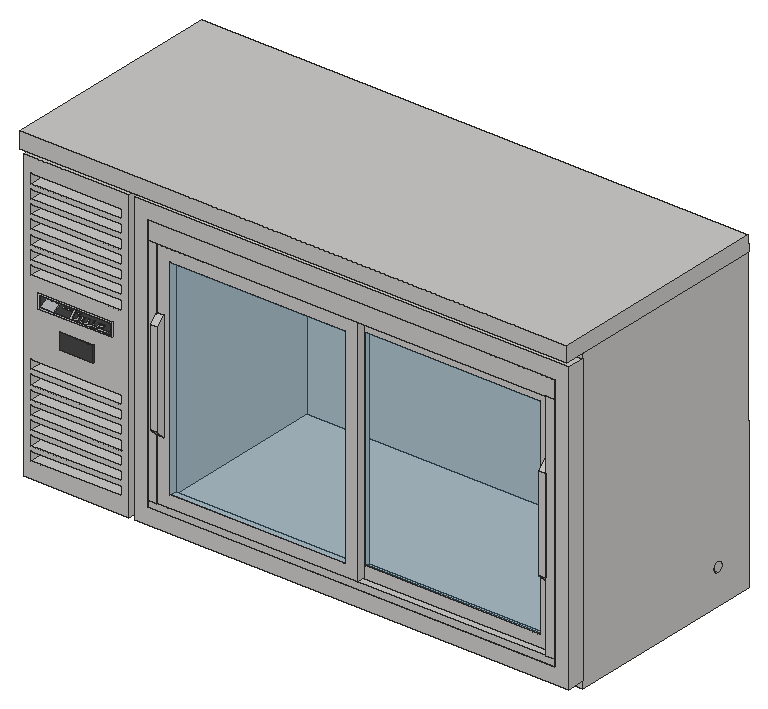
Revit family "QF_TRUE_TBR60-RISZ1-L-B-11-1", category Specialty Equipment, Revit 2016
Family settings
  Part Type = Normal
  Round Connector Dimension = Use Diameter
  Work Plane-Based = No
  Always vertical = Yes
  Cut with Voids When Loaded = No
  Shared = No
  Room Calculation Point = No
Parameters
  Weight in Pounds = 0
  Watts = if(Phase = 3, Volts * FL Amps * 1.73, Volts * FL Amps)  # 0 W
  Waste Water Discharge Temperature = 0 °F
  Volts = 0 V
  URL Cutsheet = ""
  Steam Supply Volume = 0 GPM
  Steam Supply Size = 0"
  Steam Supply RI Height = 0"
  Steam Supply Minimum Pressure = 0.00 psi
  Steam Supply Maximum Pressure = 0.00 psi
  Steam Supply Connection Height = 0"
  Specification by User = ""
  Specification by Manufacturer = ""
  Show Logo [instance] = yes
  Show Clearance [instance] = yes
  Serial Number = ""
  Seismic Rating = ""
  SMACNA No = ""
  Revision Code = ""
  Plumbing Remarks = ""
  Plumbing Connection Type = ""
  Phase = 1
  Number of Poles = 1
  NAFEM Spec ID Number = ""
  Model = "TBR60-RISZ1-L-B-11-1"
  Min Ckt Ampacity = 0 A
  Mechanical Remarks = ""
  Mechanical Connection Type = ""
  Max Overcurrent Protection = 0 A
  Masterspec = ""
  Manufacturer = "TRUE"
  Length = 60"
  Item Number = ""
  Installed By = ""
  Indirect Waste Size = 1/2"
  Indirect Waste Flow = 0 GPM
  Indirect Waste Connection Type = ""
  Indirect Waste Connection Height = 0"
  Identify Quantity as Lot = yes
  Height = 34 11/16"
  HP = "0"
  Furnished By = ""
  Foodservice Equipment Identifier = yes
  FL Amps = 0 A
  Electrical Remarks = ""
  Electric Connection Type = ""
  Elec Conn RI Height = 0"
  Elec Conn Connection Height = 0"
  Description = "REACH-IN SINGLE REFRIGERATOR"
  Depth = 25 1/2"
  Cycle = 0 Hz
  Conn Plug = ""
  Conn Conduit = yes
  Condensate Return Size = 1/2"
  Condensate Return RI Height = 0"
  Condensate Return Connection Height = 0"
  CSI MasterFormat = ""
  Apparent Power = if(Phase = 3, Volts * FL Amps * 1.73, Volts * FL Amps)  # 0 VA
Reference planes (in)
  plane 1 "BACK": y = 0
  plane 2: z = 0
  plane 3 "LEFT": x = 0
  plane 4 "RIGHT": x = 60
  plane 5 "FRONT": y = -25.5
  plane 6 "TOP": z = 34.6875
  plane 7 "Center Y": x = 30
  plane 8 "Center X": y = -12.75
  plane 9: z = 0.78125
  plane 10: y = -0.64063
  plane 11: z = 32.46875
  plane 12: x = 46.6875
  plane 13: z = 16
Forms (in)
  Extrusion 1, solid, material "QF_Metal - Stainless - Polished"
    sketch origin (0, -0.01563, 0) x (0, 1, 0) y (0, 0, 1)
      loop
        line (-24.82812, 34.6875) -> (-24.82812, 32.9375) -> (0.01563, 32.9375) -> (0.01563, 34.6875) -> (-24.82812, 34.6875)
    from 0 to 60
  Extrusion 2, solid, material "QF_Plastic - Black - Transparent"
    sketch origin (0.04324, -24.65625, 0) x (1, 0, 0) y (0, 0, 1)
      loop
        line (4.20676, 16.37472) -> (4.20676, 14.62472) -> (7.87863, 14.62472) -> (7.87863, 16.37472) -> (4.20676, 16.37472)
    from 0 to 0.125
  Extrusion 3, solid, material "QF_Metal - Stainless - Polished"
    sketch origin (0, -0.03125, 0) x (1, 0, 0) y (0, 1, 0)
      loop
        circle (16.75, -4.9375) r 0.5
      loop
        circle (52.25, -4.3125) r 0.5
    from 0 to 0.125
  Extrusion 4, solid, material "QF_Metal - Stainless - Polished"
    sketch origin (60, -0.01563, 0) x (0, 0, 1) y (0, -1, 0)
      loop
        circle (3.9375, 4.29687) r 0.5
    from 0 to 0.125
  Extrusion 5, solid, material "QF_Metal - Stainless - Polished"
    sketch origin (0, 0, 0) x (-1, 0, 0) y (0, 0, 1)
      loop
        line (-59, 0.78125) -> (-12.25, 0.78125) -> (-12.25, 32.5) -> (-59, 32.5) -> (-59, 0.78125)
    from 0 to -1
  Extrusion 6, solid, material "QF_Metal - Stainless - Polished"
    sketch origin (0.5, 0, 0) x (-1, 0, 0) y (0, 0, 1)
      loop
        line (-0.01563, 0) -> (-0.01563, 19.4375) -> (-10.98438, 19.4375) -> (-10.98438, 0) -> (-0.01563, 0)
    from 0 to 0.125
  Extrusion 7, solid, material "QF_Metal - Stainless - Polished"
    sketch origin (0, 0, 0) x (-1, 0, 0) y (0, 0, 1)
      loop
        circle (-6, 18.5) r 0.5
      loop
        circle (-6, 21.75) r 0.5
    from 0 to 0.25
  Extrusion 8, solid, material "QF_Metal - Stainless - Polished"
    sketch origin (0, -22.76563, 0) x (1, 0, 0) y (0, 0, 1)
      loop
        line (0.20313, 0.78125) -> (11.79688, 0.78125) -> (11.79688, 32.46875) -> (0.20313, 32.46875) -> (0.20313, 0.78125)
      loop
        line (1.03906, 30.81709) -> (1.03906, 29.81709) -> (10.96094, 29.81709) -> (10.96094, 30.81709) -> (1.03906, 30.81709)
      loop
        line (1.03906, 29.31709) -> (1.03906, 28.31709) -> (10.96094, 28.31709) -> (10.96094, 29.31709) -> (1.03906, 29.31709)
      loop
        line (1.03906, 27.81709) -> (1.03906, 26.81709) -> (10.96094, 26.81709) -> (10.96094, 27.81709) -> (1.03906, 27.81709)
      loop
        line (1.03906, 26.31709) -> (1.03906, 25.31709) -> (10.96094, 25.31709) -> (10.96094, 26.31709) -> (1.03906, 26.31709)
      loop
        line (1.03906, 24.81709) -> (1.03906, 23.81709) -> (10.96094, 23.81709) -> (10.96094, 24.81709) -> (1.03906, 24.81709)
      loop
        line (1.03906, 21.81709) -> (1.03906, 20.81709) -> (10.96094, 20.81709) -> (10.96094, 21.81709) -> (1.03906, 21.81709)
      loop
        line (1.03906, 23.31709) -> (1.03906, 22.31709) -> (10.96094, 22.31709) -> (10.96094, 23.31709) -> (1.03906, 23.31709)
      loop
        line (1.03906, 12.56709) -> (1.03906, 11.56709) -> (10.96094, 11.56709) -> (10.96094, 12.56709) -> (1.03906, 12.56709)
      loop
        line (1.03906, 11.06709) -> (1.03906, 10.06709) -> (10.96094, 10.06709) -> (10.96094, 11.06709) -> (1.03906, 11.06709)
      loop
        line (1.03906, 9.56709) -> (1.03906, 8.56709) -> (10.96094, 8.56709) -> (10.96094, 9.56709) -> (1.03906, 9.56709)
      loop
        line (1.03906, 8.06709) -> (1.03906, 7.06709) -> (10.96094, 7.06709) -> (10.96094, 8.06709) -> (1.03906, 8.06709)
      loop
        line (1.03906, 6.56709) -> (1.03906, 5.56709) -> (10.96094, 5.56709) -> (10.96094, 6.56709) -> (1.03906, 6.56709)
      loop
        line (1.03906, 3.56709) -> (1.03906, 2.56709) -> (10.96094, 2.56709) -> (10.96094, 3.56709) -> (1.03906, 3.56709)
      loop
        line (1.03906, 5.06709) -> (1.03906, 4.06709) -> (10.96094, 4.06709) -> (10.96094, 5.06709) -> (1.03906, 5.06709)
    from -0.01563 to 1.89062
  Extrusion 9, solid, material "QF_Metal - Stainless - Polished"
    sketch origin (0, 0, 0) x (1, 0, 0) y (0, 0, 1)
      loop
        line (59, 0.78125) -> (59, 32.46875) -> (12.375, 32.46875) -> (12.375, 0.78125) -> (59, 0.78125)
      loop
        line (60, 32.9375) -> (0, 32.9375) -> (0, 0) -> (60, 0) -> (60, 32.9375)
    from 0 to 22.75
  Extrusion 10, solid, material "QF_Metal - Stainless - Polished"
    sketch origin (0, -22.75, 0) x (1, 0, 0) y (0, 0, 1)
      loop
        line (12.375, 0.78125) -> (60, 0.78125) -> (60, 32.46875) -> (12.375, 32.46875) -> (12.375, 0.78125)
      loop
        line (13.875, 30.71875) -> (13.875, 2.53125) -> (58.5, 2.53125) -> (58.5, 30.71875) -> (13.875, 30.71875)
    from 0 to 1.90625
  Extrusion 11, solid, material "QF_Metal - Stainless - Polished"
    sketch origin (0, -22.75, 0) x (-1, 0, 0) y (0, 0, 1)
      loop
        line (-13.875, 30.71875) -> (-58.5, 30.71875) -> (-58.5, 28.76563) -> (-13.875, 28.76563) -> (-13.875, 30.71875)
      loop
        line (-58.5, 3.23437) -> (-58.5, 2.53125) -> (-13.875, 2.53125) -> (-13.875, 3.23437) -> (-58.5, 3.23437)
    from 0 to -1.90625
  Extrusion 12, solid, material "QF_Metal - Stainless - Polished"
    sketch origin (0, -22.75, 0) x (-1, 0, 0) y (0, 0, 1)
      loop
        line (-13.875, 28.76563) -> (-14.875, 28.76563) -> (-14.875, 3.23438) -> (-13.875, 3.23437) -> (-13.875, 28.76563)
      loop
        line (-58.5, 28.76562) -> (-58.5, 3.23437) -> (-57.5, 3.23437) -> (-57.5, 28.76562) -> (-58.5, 28.76562)
    from 0 to -1.90625
  Extrusion 13, solid, material "QF_Metal - Stainless - Polished"
    sketch origin (0, -24.65625, 0) x (1, 0, 0) y (0, 0, 1)
      loop
        line (14.875, 28.76563) -> (14.875, 3.23437) -> (36.875, 3.23437) -> (36.875, 28.76563) -> (14.875, 28.76563)
      loop
        line (16.23438, 27.48438) -> (16.23438, 4.51563) -> (35.51563, 4.51563) -> (35.51563, 27.48438) -> (16.23438, 27.48438)
    from 0 to -0.82813
  Extrusion 14, solid, material "QF_Metal - Stainless - Polished"
    sketch origin (14.875, -24.65625, 3.23437) x (0, 0, 1) y (0, 1, 0)
      loop
        line (18.78125, 0) -> (6.75, 0) -> (7.59375, -0.84375) -> (17.9375, -0.84375) -> (18.78125, 0)
    from 0 to -0.75
  Extrusion 15, solid, material "QF_Metal - Stainless - Polished"
    sketch origin (56.75, -23.82812, 28.46875) x (0, 0, 1) y (0, 1, 0)
      loop
        line (-6.5, 0) -> (-18.4375, 0) -> (-17.60937, -0.82813) -> (-7.32813, -0.82813) -> (-6.5, 0)
    from 0 to -0.75
  Extrusion 16, solid, material "QF_Metal - Stainless - Polished"
    sketch origin (0, -23.82812, 0) x (-1, 0, 0) y (0, 0, 1)
      loop
        line (-57.5, 28.76563) -> (-57.5, 3.23437) -> (-35.875, 3.23437) -> (-35.875, 28.76563) -> (-57.5, 28.76563)
      loop
        line (-56.32813, 27.48437) -> (-56.32813, 4.51562) -> (-37.04688, 4.51562) -> (-37.04688, 27.48437) -> (-56.32813, 27.48437)
    from 0 to 0.5
  Extrusion 17, solid, material "Glass"
    sketch origin (0, -24.65625, 0) x (1, 0, 0) y (0, 0, 1)
      loop
        line (16.23438, 27.48438) -> (16.23438, 4.51563) -> (35.51563, 4.51563) -> (35.51563, 27.48438) -> (16.23438, 27.48438)
    from 0 to -0.125
  Extrusion 18, solid, material "Glass"
    sketch origin (0, -23.82812, 0) x (1, 0, 0) y (0, 0, 1)
      loop
        line (37.04688, 27.48437) -> (37.04688, 4.51562) -> (56.32813, 4.51562) -> (56.32813, 27.48437) -> (37.04688, 27.48437)
    from 0 to -0.125
Cuts and joins
  joined: Extrusion 5, Extrusion 9
Lines and regions (in)
  Split face 1
    outline origin (59, -22.75, 0.78125) x (0, 0, -1) y (1, 0, 0)
      loop
        line (-30.03584, -57.96094) -> (-1.78584, -57.96094) -> (-1.78584, -47.91406) -> (-30.03584, -47.91406) -> (-30.03584, -57.96094)
  symbolic lines
    curve 1: line (0, 0, 0) -> (60, 0, 0)
    curve 2: line (0, -24.84375, 0) -> (0, 0, 0)
    curve 3: line (60, -24.84375, 0) -> (0, -24.84375, 0)
    curve 4: line (60, 0, 0) -> (60, -24.84375, 0)
    curve 5: line (14.875, -25.5, 0) -> (14.875, -24.84375, 0)
    curve 6: line (14.875, -25.5, 0) -> (15.625, -25.5, 0)
    curve 7: line (15.625, -25.5, 0) -> (15.625, -24.84375, 0)
Dimensions and locks (in)
  equal spacing: plane 3 "LEFT", plane 7 "Center Y", plane 4 "RIGHT"
  "Length": plane 3 "LEFT" to plane 4 "RIGHT"
  equal spacing: plane 5 "FRONT", plane 8 "Center X", plane 1 "BACK"
  "Depth": plane 5 "FRONT" to plane 1 "BACK"
  "Height": plane 6 "TOP" to level
  plane 3 "LEFT" to plane 4 "RIGHT" = 60"
  plane 5 "FRONT" to plane 1 "BACK" = 25 1/2"
  plane 9 to level = 25/32"
  plane 3 "LEFT" to Extrusion 3 sketch curve = 16 3/4"
  Extrusion 3 sketch curve to plane 1 "BACK" = 4 31/32"
  Extrusion 3 sketch curve to plane 1 "BACK" = 4 11/32"
  Extrusion 3 sketch curve to plane 4 "RIGHT" = 7 3/4"
  Extrusion 6 to Extrusion 6 = 10 31/32"
  plane 6 "TOP" to Extrusion 1 = 1 3/4"
  Extrusion 8 to Extrusion 8 = 11 19/32"
  plane 6 "TOP" to plane 11 = 2 7/32"
  cut or joined group of Extrusion 5, Extrusion 9 to plane 1 "BACK" = 22 3/4"
  plane 11 to plane 9 = 31 11/16"
  Extrusion 10 to plane 1 "BACK" = 24 21/32"
  Extrusion 1 to plane 1 "BACK" = 24 27/32"
  Extrusion 13 to Extrusion 13 = 19 9/32"
  Extrusion 13 to Extrusion 13 = 22 31/32"
  aligned and locked: level to plane 2
Automatic sketch dimensions
  Extrusion 1 sketch curve to Extrusion 1 sketch curve = 1 3/4"
  Extrusion 2 sketch curve to Extrusion 2 sketch curve = 1 3/4"
  Extrusion 7 sketch curve to Extrusion 7 sketch curve = 0"
  Extrusion 7 sketch curve to Extrusion 7 sketch curve = 3 1/4"
  Extrusion 2 sketch curve to Extrusion 2 sketch curve = 3 43/64"
  Extrusion 8 sketch curve to Extrusion 8 sketch curve = 0"  (x25)
  Extrusion 8 sketch curve to Extrusion 8 sketch curve = 9 59/64"
  Extrusion 8 sketch curve to Extrusion 8 sketch curve = 107/128"  (x3)
  Extrusion 8 sketch curve to Extrusion 8 sketch curve = 1"  (x14)
  Extrusion 8 sketch curve to Extrusion 8 sketch curve = 1/2"  (x12)
  Extrusion 8 sketch curve to Extrusion 8 sketch curve = 8 1/4"
  Extrusion 8 sketch curve to Extrusion 8 sketch curve = 1.65166"
  Extrusion 9 sketch curve to Extrusion 9 sketch curve = 15/32"
  cut or joined group of Extrusion 5, Extrusion 9 to Split face 1 sketch curve = 1.65166"
  cut or joined group of Extrusion 5, Extrusion 9 to Split face 1 sketch curve = 1.78584"
  Split face 1 sketch curve to cut or joined group of Extrusion 5, Extrusion 9 = 1 5/128"
  Split face 1 sketch curve to cut or joined group of Extrusion 5, Extrusion 9 = 1 37/128"
  Extrusion 1 sketch curve to Extrusion 1 sketch curve = 24 27/32"
  Extrusion 5 sketch curve to Extrusion 5 sketch curve = 46 3/4"
  Extrusion 5 sketch curve to Extrusion 5 sketch curve = 31 23/32"
  Extrusion 6 sketch curve to Extrusion 6 sketch curve = 10 31/32"
  Extrusion 6 sketch curve to Extrusion 6 sketch curve = 19 7/16"
  Extrusion 8 sketch curve to Extrusion 8 sketch curve = 1.78584"
  Extrusion 9 sketch curve to Extrusion 9 sketch curve = 12 3/8"
  Extrusion 9 sketch curve to Extrusion 9 sketch curve = 46 5/8"
  Extrusion 9 sketch curve to Extrusion 9 sketch curve = 1"
  Extrusion 9 sketch curve to Extrusion 9 sketch curve = 25/32"
  Extrusion 9 sketch curve to Extrusion 9 sketch curve = 31 11/16"
  Extrusion 10 sketch curve to Extrusion 10 sketch curve = 1 1/2"  (x2)
  Extrusion 10 to Extrusion 11 sketch curve = 0"  (x2)
  Extrusion 11 sketch curve to Extrusion 10 = 0"  (x4)
  Extrusion 10 to Extrusion 11 sketch curve = 45/64"
  Extrusion 11 sketch curve to Extrusion 11 sketch curve = 1 61/64"
  Extrusion 10 to Extrusion 12 sketch curve = 0"
  Extrusion 12 sketch curve to Extrusion 10 = 0"
  Extrusion 10 to Extrusion 12 sketch curve = 1"  (x2)
  Extrusion 10 to Extrusion 12 sketch curve = 45/64"  (x2)
  Extrusion 10 to Extrusion 12 sketch curve = 1 61/64"  (x2)
  Extrusion 13 sketch curve to Extrusion 11 = 0"  (x2)
  Extrusion 13 sketch curve to Extrusion 11 = 1"
  Extrusion 13 sketch curve to Extrusion 13 sketch curve = 1 23/64"  (x2)
  Extrusion 11 to Extrusion 13 sketch curve = 1 9/32"  (x2)
  Extrusion 13 sketch curve to Extrusion 13 sketch curve = 19 9/32"
  Extrusion 14 sketch curve to Extrusion 13 = 0"
  Extrusion 13 to Extrusion 14 sketch curve = 6 3/4"
  Extrusion 14 sketch curve to Extrusion 14 sketch curve = 27/32"  (x2)
  Extrusion 14 sketch curve to Extrusion 13 = 27/32"
  Extrusion 14 sketch curve to Extrusion 13 = 7 19/32"
  Extrusion 15 sketch curve to Extrusion 15 sketch curve = 53/64"  (x3)
  Extrusion 15 sketch curve to Extrusion 15 sketch curve = 10 9/32"
  Extrusion 10 sketch curve to Extrusion 10 sketch curve = 44 5/8"
  Extrusion 10 sketch curve to Extrusion 10 sketch curve = 1 3/4"  (x2)
  Extrusion 10 sketch curve to Extrusion 10 sketch curve = 28 3/16"
  plane 1 "BACK" to curve 1 = 0"
  curve 3 to plane 3 "LEFT" = 0"
  curve 4 to plane 4 "RIGHT" = 0"
  curve 5 to plane 5 "FRONT" = 0"
  plane 3 "LEFT" to curve 5 = 14 7/8"
  curve 5 to curve 7 = 3/4"
  Extrusion 1 sketch curve to plane 6 "TOP" = 0"
  plane 3 "LEFT" to Extrusion 2 sketch curve = 4 1/4"
  plane 9 to Extrusion 2 sketch curve = 13.84347"
  plane 9 to Extrusion 4 sketch curve = 3 5/32"
  Extrusion 4 sketch curve to plane 10 = 3 43/64"
  Extrusion 5 sketch curve to plane 9 = 0"
  plane 4 "RIGHT" to Extrusion 5 sketch curve = 1"
  Extrusion 6 sketch curve to level = 0"
  plane 3 "LEFT" to Extrusion 6 sketch curve = 11 31/64"
  plane 3 "LEFT" to Extrusion 7 sketch curve = 6"
  Extrusion 7 sketch curve to plane 11 = 13 31/32"
  Extrusion 8 sketch curve to plane 11 = 0"
  plane 3 "LEFT" to Extrusion 8 sketch curve = 13/64"
  Extrusion 9 sketch curve to plane 3 "LEFT" = 0"
  Extrusion 9 sketch curve to level = 0"
  Extrusion 10 sketch curve to plane 11 = 0"
  plane 4 "RIGHT" to Extrusion 10 sketch curve = 0"
  plane 9 to Extrusion 15 sketch curve = 9 1/4"
  plane 4 "RIGHT" to Extrusion 16 sketch curve = 2 1/2"
  plane 9 to Extrusion 16 sketch curve = 2 29/64"
  curve 3 to plane 5 "FRONT" = 21/32"
  Extrusion 1 sketch curve to plane 1 "BACK" = 0"
  Extrusion 15 sketch curve to plane 5 "FRONT" = 27/32"
  Extrusion 17 sketch curve to plane 11 = 4 63/64"
  Extrusion 17 sketch curve to plane 7 "Center Y" = 13 49/64"
  plane 7 "Center Y" to Extrusion 17 sketch curve = 5 33/64"
  plane 9 to Extrusion 17 sketch curve = 3 47/64"
  plane 7 "Center Y" to Extrusion 18 sketch curve = 7 3/64"
  plane 4 "RIGHT" to Extrusion 18 sketch curve = 3 43/64"
  plane 9 to Extrusion 18 sketch curve = 3 47/64"
  Extrusion 18 sketch curve to plane 11 = 4 63/64"
  plane 7 "Center Y" to Extrusion 16 sketch curve = 5 7/8"
  Extrusion 16 sketch curve to plane 11 = 3 45/64"
  Extrusion 16 sketch curve to Extrusion 16 sketch curve = 1 11/64"  (x2)
  Extrusion 16 sketch curve to Extrusion 16 sketch curve = 1 9/32"  (x2)
  radius of Extrusion 3 sketch curve = 1/2"  (x2)
  radius of Extrusion 4 sketch curve = 1/2"
  radius of Extrusion 7 sketch curve = 1/2"  (x2)
Nested families (in)
  nested 1: "QF_LOGO_TRUE" at (1.85445, -24.65625, 17.85445), visible <- "Show Logo", Show Logo <- "Show Logo", type "QF_LOGO_TRUE", detail levels medium+fine
    with Show Logo yes
Connectors (in)
  piping at (16.75, -4.96875, 0), diameter 0.5, driven by "Indirect Waste Flow", driven by "Indirect Waste Size"
    settings: on Extrusion 3, index 1, connector inside diameter 24", connector length 0", flow factor 0, pipe flow 0 GPM, pressure drop 0.00 psi, fitting loss kfactor 0, connector angle 0.00°, fixture units 0, engagement length 0", angle of deflection 0.00°, flow configuration 1, flow direction 2, fitting loss method 0, system type 16, joint type 0, gender type 0, connector reference index -1, connector utility 0, adjustable connector no, is connector primary yes, connector description "FLOOR ACCESS"
  piping at (52.25, -4.34375, 0), diameter 0.5, driven by "Indirect Waste Flow", driven by "Indirect Waste Size"
    settings: on Extrusion 3, index 2, connector inside diameter 24", connector length 0", flow factor 0, pipe flow 0 GPM, pressure drop 0.00 psi, fitting loss kfactor 0, connector angle 0.00°, fixture units 0, engagement length 0", angle of deflection 0.00°, flow configuration 1, flow direction 2, fitting loss method 0, system type 20, joint type 0, gender type 0, connector reference index -1, connector utility 0, adjustable connector no, is connector primary no, connector description "DRAIN"
  piping at (60.125, -4.3125, 3.9375), diameter 1
    settings: on Extrusion 4, index 3, connector inside diameter 24", connector length 0", flow factor 0, pipe flow 0 GPM, pressure drop 0.00 psi, fitting loss kfactor 0, connector angle 0.00°, fixture units 0, engagement length 0", angle of deflection 0.00°, flow configuration 1, flow direction 1, fitting loss method 0, system type 7, joint type 0, gender type 0, connector reference index -1, connector utility 0, adjustable connector no, is connector primary no, connector description "CONDENSING UNIT"
  electrical at (6, 0.25, 18.5), driven by "Volts", driven by "Watts"
    settings: on Extrusion 7, index 4, voltage 0 V, apparent load 0 VA, apparent load phase1 0 VA, apparent load phase2 0 VA, apparent load phase3 0 VA, power factor 1, load classification "Other", number of poles 1, system type 30, power factor state 1, is connector primary yes, connector utility no, sub classification motor no, connector description "ELECTRICAL CONNECTION"
Definition of nested family "QF_LOGO_TRUE"
  Parameters (values of type "QF_LOGO_TRUE")
    Show Logo [instance] = yes
  Reference planes (in)
    plane 1 "Center (Front/Back)": y = 0
    plane 2: z = 0
    plane 3 "Center (Left/Right)": x = 0
  Forms (in)
    Extrusion 1, solid, visible <- "Show Logo"
      sketch origin (-78.34647, 34.76905, -30.51001) x (1, 0, 0) y (0, 0, 1)
        loop
          line (81.15226, 31.65456) -> (81.07353, 31.48573) -> (82.12083, 31.48573)
          arc (82.12083, 31.48573) -> (82.14208, 31.44814) -> (82.12083, 31.41055) r 0.04386
          line (82.12083, 31.41055) -> (81.84767, 30.82478)
          arc (81.84767, 30.82478) -> (81.84531, 30.77052) -> (81.882, 30.73048) r 0.07096
          line (81.882, 30.73048) -> (82.55165, 30.73048)
          arc (82.55165, 30.73048) -> (82.63621, 30.75714) -> (82.69019, 30.82748) r 0.14742
          line (82.69019, 30.82748) -> (82.90515, 31.28847) -> (83.10265, 31.28847)
          arc (83.10265, 31.28847) -> (83.15447, 31.26942) -> (83.14697, 31.21472) r 0.04405
          line (83.14697, 31.21472) -> (82.9671, 30.82899)
          arc (82.9671, 30.82899) -> (82.9699, 30.76493) -> (83.02398, 30.73048) r 0.06943
          line (83.02398, 30.73048) -> (83.6124, 30.73048)
          arc (83.6124, 30.73048) -> (83.65748, 30.74689) -> (83.68147, 30.78844) r 0.07014
          arc (83.68147, 30.78844) -> (83.69845, 30.74745) -> (83.73943, 30.73048) r 0.05796
          line (83.73943, 30.73048) -> (84.112, 30.73048)
          arc (84.112, 30.73048) -> (84.15504, 30.74201) -> (84.18655, 30.77352) r 0.08608
          arc (84.18655, 30.77352) -> (84.20164, 30.7371) -> (84.23806, 30.72202) r 0.0515
          line (84.23806, 30.72202) -> (84.76757, 30.72202)
          arc (84.76757, 30.72202) -> (84.81086, 30.73995) -> (84.8288, 30.78324) r 0.06122
          arc (84.8288, 30.78324) -> (84.86848, 30.74355) -> (84.92269, 30.72903) r 0.10842
          line (84.92269, 30.72903) -> (85.91461, 30.72903) -> (86.02479, 30.91987) -> (85.0243, 30.91987)
          arc (85.0243, 30.91987) -> (84.99669, 30.93902) -> (84.99566, 30.97261) r 0.03732
          line (84.99566, 30.97261) -> (85.01297, 31.00972)
          arc (85.01297, 31.00972) -> (85.03954, 31.04453) -> (85.0813, 31.05774) r 0.07263
          line (85.0813, 31.05774) -> (85.40289, 31.05774)
          arc (85.40289, 31.05774) -> (85.4723, 31.07633) -> (85.52311, 31.12715) r 0.13882
          line (85.52311, 31.12715) -> (85.61625, 31.28847)
          arc (85.61625, 31.28847) -> (85.61625, 31.37458) -> (85.54168, 31.41763) r 0.08611
          line (85.54168, 31.41763) -> (85.20227, 31.41763)
          arc (85.20227, 31.41763) -> (85.11574, 31.40294) -> (85.05538, 31.33923) r 0.13863
          line (85.05538, 31.33923) -> (84.89409, 30.99333)
          arc (84.89409, 30.99333) -> (84.84649, 30.9313) -> (84.77191, 30.90778) r 0.13002
          line (84.77191, 30.90778) -> (84.41984, 30.90778)
          arc (84.41984, 30.90778) -> (84.3777, 30.95378) -> (84.38042, 31.0161) r 0.08151
          line (84.38042, 31.0161) -> (84.56766, 31.41763) -> (84.44849, 31.41763) -> (84.25012, 30.99222)
          arc (84.25012, 30.99222) -> (84.21158, 30.94199) -> (84.15119, 30.92296) r 0.10527
          line (84.15119, 30.92296) -> (83.90842, 30.92296)
          arc (83.90842, 30.92296) -> (83.8674, 30.97642) -> (83.87619, 31.04323) r 0.08805
          line (83.87619, 31.04323) -> (84.05078, 31.41763) -> (83.92772, 31.41763) -> (83.72676, 30.98668)
          arc (83.72676, 30.98668) -> (83.68011, 30.94003) -> (83.61639, 30.92296) r 0.12745
          line (83.61639, 30.92296) -> (83.26484, 30.92296)
          arc (83.26484, 30.92296) -> (83.2017, 30.9524) -> (83.19563, 31.0218) r 0.06967
          line (83.19563, 31.0218) -> (83.31118, 31.26961) -> (83.47452, 31.26961)
          arc (83.47452, 31.26961) -> (83.50209, 31.35268) -> (83.56075, 31.41763) r 0.21289
          line (83.56075, 31.41763) -> (82.92244, 31.41763)
          arc (82.92244, 31.41763) -> (82.85151, 31.40191) -> (82.80242, 31.34834) r 0.12081
          line (82.80242, 31.34834) -> (82.6294, 30.9773)
          arc (82.6294, 30.9773) -> (82.58962, 30.93752) -> (82.53528, 30.92296) r 0.10869
          line (82.53528, 30.92296) -> (82.1542, 30.92296)
          arc (82.1542, 30.92296) -> (82.12446, 30.96315) -> (82.13012, 31.01283) r 0.06822
          line (82.13012, 31.01283) -> (82.38156, 31.48573) -> (83.01596, 31.48573) -> (83.09469, 31.65456) -> (82.46029, 31.65456) -> (82.53902, 31.8234) -> (82.31334, 31.8234) -> (82.23461, 31.65456) -> (81.15226, 31.65456)
        loop
          arc (85.15937, 31.26434) -> (85.13191, 31.25698) -> (85.1118, 31.23688) r 0.05494
          line (85.1118, 31.23688) -> (85.09547, 31.18665)
          arc (85.09547, 31.18665) -> (85.10304, 31.16837) -> (85.12133, 31.16079) r 0.02586
          line (85.12133, 31.16079) -> (85.39889, 31.16079)
          arc (85.39889, 31.16079) -> (85.41888, 31.16523) -> (85.43513, 31.1777) r 0.04731
          line (85.43513, 31.1777) -> (85.44863, 31.2402)
          arc (85.44863, 31.2402) -> (85.44466, 31.25693) -> (85.42914, 31.26434) r 0.01994
          line (85.42914, 31.26434) -> (85.15937, 31.26434)
        loop
          line (78.62961, 30.74125) -> (80.12032, 30.74125) -> (80.73891, 31.81268) -> (79.2482, 31.81268) -> (78.62961, 30.74125)
      from 34.76797 to 34.83173
    Extrusion 2, solid, visible <- "Show Logo"
      sketch origin (-142.84857, 34.75108, -33.3546) x (1, 0, 0) y (0, 0, 1)
        loop
          line (150.81107, 34.71978) -> (142.98607, 34.71978) -> (142.98607, 33.4921) -> (150.81107, 33.4921) -> (150.81107, 34.71978)
      from 34.75108 to 34.78125
    Extrusion 3, solid, visible <- "Show Logo"
      sketch origin (-142.84857, 34.75108, -33.3546) x (1, 0, 0) y (0, 0, 1)
        loop
          line (150.94857, 34.85727) -> (142.84857, 34.85727) -> (142.84857, 33.3546) -> (150.94857, 33.3546) -> (150.94857, 34.85727)
        loop
          line (142.98607, 34.71978) -> (142.98607, 33.4921) -> (150.81107, 33.4921) -> (150.81107, 34.71978) -> (142.98607, 34.71978)
      from 34.75108 to 34.81376
    Extrusion 4, solid, not visible
      sketch origin (121.45701, -16.5, 4.98235) x (1, 0, 0) y (0, 0, 1)
        loop
          line (25.20115, 35.89949) -> (25.20115, 33.96647) -> (30.95381, 33.96647) -> (30.95381, 35.89949) -> (25.20115, 35.89949)
      from 31.5 to 31.54261
    Extrusion 5, solid, not visible
      sketch origin (121.45701, -16.5, 4.98235) x (1, 0, 0) y (0, 0, 1)
        loop
          line (26.7387, 34.95472) -> (26.61492, 34.49276) -> (27.038, 34.49276)
          arc (27.038, 34.49276) -> (27.13117, 34.52484) -> (27.18485, 34.60749) r 0.15134
          arc (27.18485, 34.60749) -> (27.20396, 34.68138) -> (27.22435, 34.75493) r 4.37326
          arc (27.22435, 34.75493) -> (27.23458, 34.81765) -> (27.22435, 34.88037) r 0.1974
          arc (27.22435, 34.88037) -> (27.18247, 34.93579) -> (27.11563, 34.95472) r 0.10914
          line (27.11563, 34.95472) -> (26.7387, 34.95472)
        loop
          line (26.90201, 34.80638) -> (26.84645, 34.59903) -> (26.92855, 34.59903)
          arc (26.92855, 34.59903) -> (26.98205, 34.6185) -> (27.01051, 34.6678) r 0.08322
          line (27.01051, 34.6678) -> (27.02399, 34.74424)
          arc (27.02399, 34.74424) -> (27.01491, 34.78454) -> (26.97985, 34.80638) r 0.05353
          line (26.97985, 34.80638) -> (26.90201, 34.80638)
        loop
          line (27.45336, 34.66131) -> (27.76233, 34.66131) -> (27.78859, 34.73909)
          arc (27.78859, 34.73909) -> (27.7878, 34.82039) -> (27.73107, 34.87864) r 0.10925
          arc (27.73107, 34.87864) -> (27.68233, 34.8944) -> (27.63139, 34.89974) r 0.24595
          line (27.63139, 34.89974) -> (27.46708, 34.89974)
          arc (27.46708, 34.89974) -> (27.4068, 34.88073) -> (27.3535, 34.84677) r 0.2421
          arc (27.3535, 34.84677) -> (27.2897, 34.76363) -> (27.26702, 34.66131) r 0.2421
          line (27.26702, 34.66131) -> (27.26702, 34.54477)
          arc (27.26702, 34.54477) -> (27.31618, 34.4956) -> (27.38334, 34.47761) r 0.13431
          line (27.38334, 34.47761) -> (27.59054, 34.47761)
          arc (27.59054, 34.47761) -> (27.63459, 34.48281) -> (27.67622, 34.49812) r 0.18924
          line (27.67622, 34.49812) -> (27.73102, 34.61563)
          arc (27.73102, 34.61563) -> (27.68453, 34.59565) -> (27.63566, 34.58252) r 0.35376
          arc (27.63566, 34.58252) -> (27.55885, 34.56956) -> (27.48204, 34.58252) r 0.23415
          arc (27.48204, 34.58252) -> (27.44492, 34.61362) -> (27.45336, 34.66131) r 0.04838
        loop
          line (27.4842, 34.73042) -> (27.62012, 34.73042) -> (27.62621, 34.76496)
          arc (27.62621, 34.76496) -> (27.58961, 34.80242) -> (27.53739, 34.80638) r 0.0742
          arc (27.53739, 34.80638) -> (27.49747, 34.77773) -> (27.4842, 34.73042) r 0.0742
        loop
          line (27.91616, 34.97572) -> (27.78675, 34.49276) -> (27.98645, 34.49276) -> (28.11586, 34.97572) -> (27.91616, 34.97572)
        loop
          line (28.13678, 34.66131) -> (28.08755, 34.47761) -> (28.27134, 34.47761) -> (28.32056, 34.66131) -> (28.43674, 34.66131) -> (28.47974, 34.78864) -> (28.36519, 34.78864)
          arc (28.36519, 34.78864) -> (28.35733, 34.81649) -> (28.36921, 34.84288) r 0.04231
          arc (28.36921, 34.84288) -> (28.431, 34.8652) -> (28.49617, 34.85686) r 0.13988
          line (28.49617, 34.85686) -> (28.53544, 34.97317)
          arc (28.53544, 34.97317) -> (28.39725, 34.99096) -> (28.25905, 34.97317) r 0.54546
          arc (28.25905, 34.97317) -> (28.20849, 34.91994) -> (28.18197, 34.85147) r 0.1894
          line (28.18197, 34.85147) -> (28.17089, 34.78864) -> (28.11397, 34.78864) -> (28.07985, 34.66131) -> (28.13678, 34.66131)
        loop
          arc (28.74846, 34.89756) -> (28.65884, 34.88533) -> (28.56922, 34.89756) r 0.33455
          line (28.56922, 34.89756) -> (28.45669, 34.47761) -> (28.63593, 34.47761) -> (28.74846, 34.89756)
        loop
          arc (28.60398, 35.01195) -> (28.57699, 34.97173) -> (28.60398, 34.9315) r 0.04347
          line (28.60398, 34.9315) -> (28.75755, 34.9315)
          arc (28.75755, 34.9315) -> (28.78645, 34.96687) -> (28.77911, 35.01195) r 0.0556
          line (28.77911, 35.01195) -> (28.60398, 35.01195)
        loop
          line (28.95336, 34.66131) -> (29.26233, 34.66131) -> (29.28859, 34.73909)
          arc (29.28859, 34.73909) -> (29.2878, 34.82039) -> (29.23107, 34.87864) r 0.10925
          arc (29.23107, 34.87864) -> (29.18233, 34.8944) -> (29.13139, 34.89974) r 0.24595
          line (29.13139, 34.89974) -> (28.96708, 34.89974)
          arc (28.96708, 34.89974) -> (28.9068, 34.88073) -> (28.8535, 34.84677) r 0.2421
          arc (28.8535, 34.84677) -> (28.7897, 34.76363) -> (28.76702, 34.66131) r 0.2421
          line (28.76702, 34.66131) -> (28.76702, 34.54477)
          arc (28.76702, 34.54477) -> (28.81618, 34.4956) -> (28.88334, 34.47761) r 0.13431
          line (28.88334, 34.47761) -> (29.09054, 34.47761)
          arc (29.09054, 34.47761) -> (29.13459, 34.48281) -> (29.17622, 34.49812) r 0.18924
          line (29.17622, 34.49812) -> (29.23102, 34.61563)
          arc (29.23102, 34.61563) -> (29.18453, 34.59565) -> (29.13566, 34.58252) r 0.35376
          arc (29.13566, 34.58252) -> (29.05885, 34.56956) -> (28.98204, 34.58252) r 0.23415
          arc (28.98204, 34.58252) -> (28.94492, 34.61362) -> (28.95336, 34.66131) r 0.04838
        loop
          line (28.9842, 34.73042) -> (29.12012, 34.73042) -> (29.12621, 34.76496)
          arc (29.12621, 34.76496) -> (29.08961, 34.80242) -> (29.03739, 34.80638) r 0.0742
          arc (29.03739, 34.80638) -> (28.99747, 34.77773) -> (28.9842, 34.73042) r 0.0742
        loop
          line (29.41616, 34.97572) -> (29.28675, 34.49276) -> (29.48645, 34.49276) -> (29.61586, 34.97572) -> (29.41616, 34.97572)
        loop
          line (29.99836, 34.97572) -> (29.95192, 34.80242)
          arc (29.95192, 34.80242) -> (29.94473, 34.85705) -> (29.90102, 34.89059) r 0.07199
          arc (29.90102, 34.89059) -> (29.80023, 34.89941) -> (29.70251, 34.87322) r 0.29131
          arc (29.70251, 34.87322) -> (29.61806, 34.7652) -> (29.5896, 34.63108) r 0.30433
          line (29.5896, 34.63108) -> (29.5896, 34.55572)
          arc (29.5896, 34.55572) -> (29.61075, 34.50463) -> (29.66184, 34.48348) r 0.07224
          line (29.66184, 34.48348) -> (29.78537, 34.48348)
          arc (29.78537, 34.48348) -> (29.83854, 34.51313) -> (29.88504, 34.55243) r 0.31609
          line (29.88504, 34.55243) -> (29.86905, 34.49276) -> (30.05973, 34.49276) -> (30.18914, 34.97572) -> (29.99836, 34.97572)
        loop
          arc (29.84537, 34.75931) -> (29.79424, 34.71128) -> (29.77745, 34.64317) r 0.12371
          arc (29.77745, 34.64317) -> (29.80071, 34.59901) -> (29.85056, 34.59647) r 0.05045
          arc (29.85056, 34.59647) -> (29.90141, 34.64047) -> (29.92536, 34.7033) r 0.13769
          arc (29.92536, 34.7033) -> (29.90211, 34.75521) -> (29.84537, 34.75931) r 0.05543
        loop
          line (26.45047, 35.26762) -> (26.58211, 35.26762)
          arc (26.58211, 35.26762) -> (26.60467, 35.30821) -> (26.62126, 35.35157) r 0.3277
          arc (26.62126, 35.35157) -> (26.62714, 35.39992) -> (26.60877, 35.44503) r 0.09693
          arc (26.60877, 35.44503) -> (26.56454, 35.48868) -> (26.50462, 35.50516) r 0.12312
          arc (26.50462, 35.50516) -> (26.44158, 35.50565) -> (26.37854, 35.50546) r 5.76967
          arc (26.37854, 35.50546) -> (26.07462, 35.42923) -> (25.81045, 35.26076) r 0.97743
          line (25.81045, 35.26076) -> (25.85921, 35.26076)
          arc (25.85921, 35.26076) -> (26.08494, 35.39361) -> (26.3396, 35.45485) r 0.88817
          arc (26.3396, 35.45485) -> (26.41429, 35.44188) -> (26.47267, 35.39352) r 0.14748
          arc (26.47267, 35.39352) -> (26.48041, 35.32725) -> (26.45047, 35.26762) r 0.11636
        loop
          arc (26.35412, 35.17841) -> (26.19578, 35.0555) -> (26.00982, 34.98069) r 0.72453
          arc (26.00982, 34.98069) -> (25.9036, 34.95581) -> (25.79459, 34.9604) r 0.40201
          arc (25.79459, 34.9604) -> (25.7275, 34.98819) -> (25.69972, 35.05528) r 0.09488
          arc (25.69972, 35.05528) -> (25.71867, 35.12629) -> (25.77049, 35.17841) r 0.1425
          line (25.77049, 35.17841) -> (25.73665, 35.18748)
          arc (25.73665, 35.18748) -> (25.67632, 35.09876) -> (25.66924, 34.99171) r 0.20432
          arc (25.66924, 34.99171) -> (25.71443, 34.9227) -> (25.79473, 34.90384) r 0.11116
          arc (25.79473, 34.90384) -> (25.91172, 34.89904) -> (26.02716, 34.91862) r 0.56145
          arc (26.02716, 34.91862) -> (26.27675, 35.021) -> (26.49584, 35.17841) r 1.15683
          line (26.49584, 35.17841) -> (26.35412, 35.17841)
      from 31.54261 to 31.56272
  Dimensions and locks (in)
    aligned and locked: level to plane 2
    aligned and locked: Extrusion 2 to Extrusion 3  (x2)
    aligned and locked: Extrusion 2 sketch curve to Extrusion 3
